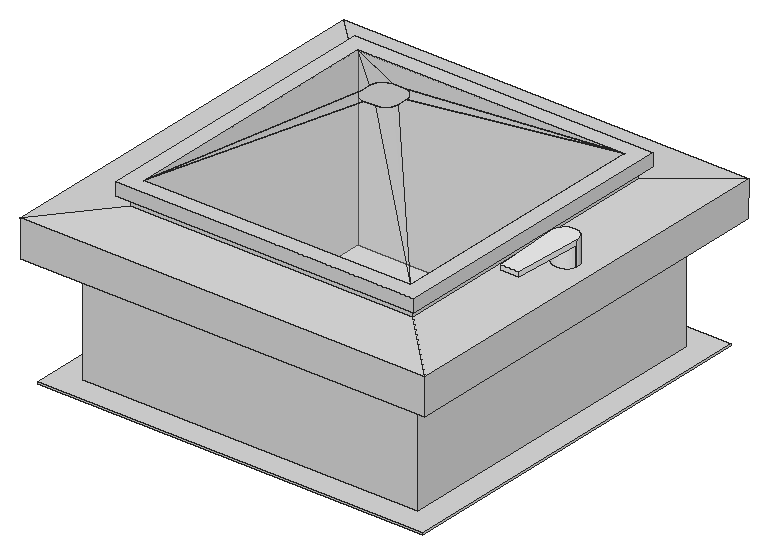
Revit family "Roof_Hatch-Best-Access-Doors-Domed-BA-GRH-DO_Series", category Specialty Equipment, host Face, Revit 2017
Family settings
  Host = Face
  Round Connector Dimension = Use Diameter
  Part Type = Normal
  OmniClass Number = 23.40.00.00
  Cut with Voids When Loaded = Yes
  Shared = Yes
  Room Calculation Point = No
Parameters (values of type "BA-GRH-DO-3232")
  Width = 24"
  URL = "https://www.bestaccessdoors.com/"
  Type Comments = ""
  Revised Date = "08/29/2018"  # constant formula
  Product data url = "https://bimobject.com/best-access-doors/product/domed-roof-hatch-galvanized-steel"
  Product Page URL = ""
  Product Documentation Link = ""
  Model = "BA-GRH-DO-3232"
  Material = "Galvanized Steel-Best Access Doors-14 Gauge-Polyester Grey Enamel"  # constant formula
  Manufacturer = "Best Access Door"  # constant formula
  Length = 12"  # constant formula
  Installation Type = "Surface Mount"  # constant formula
  Height = 24"
  Finish = Galvanized Steel-Best Access Doors-14 Gauge-Polyester Grey Enamel
  Description = "Galvanized Steel Domed Roof Hatch"  # constant formula
  Default Elevation = 0"  # constant formula
  Creation Date = "08/29/2018"  # constant formula
  Assembly Code = "C1020700"
Types (5): name | Width | Model | Height
  BA-GRH-DO-3232 | 24" | "BA-GRH-DO-3232" | 24"
  BA-GRH-DO-3244 | 24" | "BA-GRH-DO-3244" | 36"
  BA-GRH-DO-3838 | 30" | "BA-GRH-DO-3838" | 30"
  BA-GRH-DO-3844 | 30" | "BA-GRH-DO-3844" | 36"
  BA-GRH-DO-4444 | 36" | "BA-GRH-DO-4444" | 36"
Reference planes (in)
  plane 1 "Center (Front/Back)": y = 0
  plane 2: z = 0
  plane 3 "Center (Left/Right)": x = 0
  plane 4: x = 16.28125
  plane 5: x = -16.28125
  plane 6: y = 12
  plane 7: y = -12
  plane 8: x = 12
  plane 9: x = -12
  plane 10: z = 12
  plane 11: y = 16.287
  plane 12: y = -16.287
  plane 13: x = 11
  plane 14: x = 14
Forms (in)
  Sweep 1, solid, material "Galvanized Steel-Best Access Doors-14 Gauge-Polyester Grey Enamel" <- "Finish"
    path origin (0, 0, 0) x (1, 0, 0) y (0, 1, 0)
      loop
        line (-12, 12) -> (-12, -12) -> (12, -12) -> (12, 12) -> (-12, 12)
    profile origin (0, 12, 0) x (0, 1, 0) y (0, 0, 1)
      loop
        line (-1.25, 0) -> (1.5, 0) -> (3.5, 0) -> (3.5, 0.125) -> (1.5, 0.125) -> (1.5, 8.08984) -> (2.25, 8.08984) -> (2.25, 9.08984) -> (4.287, 9.08984) -> (4.287, 12)
        arc (4.287, 12) -> (1.82612, 12.26049) -> (-0.64261, 12.43128) r 68.01455
        line (-0.64261, 12.43128) -> (-0.64261, 13.25) -> (0, 13.25) -> (0, 14.25) -> (-1.25, 14.25) -> (-1.25, 0)
  Extrusion 2, solid, material "Galvanized Steel-Best Access Doors-14 Gauge-Polyester Grey Enamel" <- "Finish"
    sketch origin (0, 0, 0) x (1, 0, 0) y (0, 1, 0)
      loop
        line (-12, 12) -> (-12, -12) -> (12, -12) -> (12, 12) -> (-12, 12)
    from 0 to 0.125
  Extrusion 3, solid, material "Stainless Steel-Best Access Doors-Zinc Plated"
    sketch origin (3, 0, 0) x (1, 0, 0) y (0, 1, 0)
      loop
        line (10.28618, -4.82978) -> (11.71382, -4.82978) -> (11.99863, 0.6048)
        arc (11.99863, 0.6048) -> (11, 1.65713) -> (10.00137, 0.6048) r 1
        line (10.00137, 0.6048) -> (10.28618, -4.82978)
    from 12 to 14.00968
  Extrusion 4, void
    sketch origin (3, 0, 0) x (1, 0, 0) y (0, 1, 0)
      loop
        line (10.01417, 0.48937) -> (9.67599, 0.48937) -> (9.67599, -5.50698) -> (12.32401, -5.50698) -> (12.32401, 0.48937) -> (11.98583, 0.48937)
        arc (11.98583, 0.48937) -> (11, -0.34287) -> (10.01417, 0.48937) r 1
    from 12 to 13.62276
  Blend 5, solid, material "Glass-Best Access Doors-Clear"
    base sketch origin (0, 0, 0) x (1, 0, 0) y (0, 1, 0)
      loop
        line (-10.75, 10.75) -> (-10.75, -10.75) -> (10.75, -10.75) -> (10.75, 10.75) -> (-10.75, 10.75)
    top sketch origin (0, 0, 0) x (1, 0, 0) y (0, 1, 0)
      loop
        arc (-0.48261, 1.41233) -> (-1.18972, 1.11944) -> (-1.48261, 0.41233) r 1
        line (-1.48261, 0.41233) -> (-1.48261, -0.41233)
        arc (-1.48261, -0.41233) -> (-1.18972, -1.11944) -> (-0.48261, -1.41233) r 1
        line (-0.48261, -1.41233) -> (0.48261, -1.41233)
        arc (0.48261, -1.41233) -> (1.18972, -1.11944) -> (1.48261, -0.41233) r 1
        line (1.48261, -0.41233) -> (1.48261, 0.41233)
        arc (1.48261, 0.41233) -> (1.18972, 1.11944) -> (0.48261, 1.41233) r 1
        line (0.48261, 1.41233) -> (-0.48261, 1.41233)
    from 14.25 to 19.45479
Cuts and joins
  Extrusion 4 cuts Extrusion 2
  joined: Sweep 1, Extrusion 2
  Extrusion 4 cuts Extrusion 3
Lines and regions (in)
  Masking region 1
    outline origin (0, 0, 0) x (1, 0, 0) y (0, 1, 0)
      loop
        line (-16.287, 16.287) -> (-16.287, -16.287) -> (16.287, -16.287) -> (16.287, 16.287) -> (-16.287, 16.287)
  symbolic lines, detail levels medium+fine
    curve 1: line (-12, 12, 0) -> (12, 12, 0)
    curve 2: line (-12, -12, 0) -> (-12, 12, 0)
    curve 3: line (12, -12, 0) -> (-12, -12, 0)
    curve 4: line (12, 12, 0) -> (12, -12, 0)
    curve 5: line (-10.75, 10.75, 0) -> (10.75, 10.75, 0)
    curve 6: line (-10.75, -10.75, 0) -> (-10.75, 10.75, 0)
    curve 7: line (10.75, -10.75, 0) -> (-10.75, -10.75, 0)
    curve 8: line (10.75, 10.75, 0) -> (10.75, -10.75, 0)
    curve 9: line (13.00137, 0.6048, 0) -> (13.28618, -4.82978, 0)
    curve 10: line (13.28618, -4.82978, 0) -> (14.71382, -4.82978, 0)
    curve 11: line (14.71382, -4.82978, 0) -> (14.99863, 0.6048, 0)
    curve 12: arc (14.99863, 0.6048, 0) -> (14, 1.65713, 0) -> (13.00137, 0.6048, 0) r 1
    curve 13: line (-16.287, 16.287, 0) -> (-12, 12, 0)
    curve 14: line (12, 12, 0) -> (16.287, 16.287, 0)
    curve 15: line (16.287, -16.287, 0) -> (12, -12, 0)
    curve 16: line (-16.287, -16.287, 0) -> (-12, -12, 0)
Dimensions and locks (in)
  "Height": plane 6 to plane 7
  equal spacing: plane 9, plane 3 "Center (Left/Right)", plane 8
  "Width": plane 9 to plane 8
  locked: plane 5 to plane 9 at 4.28125
  locked: plane 8 to plane 4 at 4.28125
  "Length": plane 10 to level
  locked: plane 11 to plane 6 at 4.287
  equal spacing: plane 6, plane 1 "Center (Front/Back)", plane 7
  locked: plane 7 to plane 12 at 4.287
  locked: plane 10 to Sweep 1 sketch curve at 2.91016
  locked: plane 10 to Sweep 1 sketch curve at 3.91016
  locked: plane 11 to Sweep 1 sketch curve at 2.037
  locked: Sweep 1 sketch curve to plane 6 at 1.5
  locked: Sweep 1 sketch curve to level at 0.125
  locked: plane 11 to Sweep 1 sketch curve at 0.787
  locked: plane 8 to plane 14 at 2
  locked: plane 1 "Center (Front/Back)" to Extrusion 3 sketch curve at 0.65713
  equal spacing: Extrusion 4 sketch curve, plane 14, Extrusion 4 sketch curve
  locked: Extrusion 4 sketch curve to Extrusion 4 sketch curve at 2.64803
  locked: Extrusion 4 sketch curve to plane 1 "Center (Front/Back)" at 5.50698
  locked: Extrusion 4 sketch curve to plane 1 "Center (Front/Back)" at 0.48937
  locked: Sweep 1 sketch curve to plane 10 at 0.43128
  locked: plane 6 to Sweep 1 sketch curve at 0.64261
  locked: Sweep 1 sketch curve to Sweep 1 sketch curve at 1
  locked: Sweep 1 sketch curve to plane 10 at 2.25
  locked: plane 6 to Sweep 1 sketch curve at 1.25
  equal spacing: Blend 5 sketch curve, plane 1 "Center (Front/Back)", Blend 5 sketch curve
  locked: Blend 5 sketch curve to Blend 5 sketch curve at 2.82466
  equal spacing: Blend 5 sketch curve, plane 3 "Center (Left/Right)", Blend 5 sketch curve
  locked: Blend 5 sketch curve to Blend 5 sketch curve at 2.96523
  diameter of Extrusion 3 sketch curve = 2"
  aligned and locked: plane 2 to host face
  aligned and locked: level to host face
  aligned and locked: Sweep 1 sketch curve to plane 6
  aligned and locked: Sweep 1 sketch curve to plane 9
  aligned and locked: Sweep 1 sketch curve to plane 7
  aligned and locked: Sweep 1 sketch curve to plane 8
  aligned and locked: plane 11 to Sweep 1 sketch curve  (x2)
  aligned and locked: level to Sweep 1 sketch curve
  aligned and locked: Extrusion 2 to level
  aligned and locked: plane 14 to Extrusion 3 sketch curve
  aligned and locked: Extrusion 4 sketch curve to cut or joined group of Extrusion 3, Extrusion 4
  aligned and locked: Extrusion 4 sketch curve to Extrusion 4 sketch curve
  aligned and locked: plane 10 to Sweep 1 sketch curve
  aligned and locked: plane 6 to Sweep 1 sketch curve
  aligned and locked: cut or joined group of Sweep 1, Extrusion 2, Extrusion 4 to cut or joined group of Sweep 1, Extrusion 2, Extrusion 4
  aligned and locked: Blend 5 sketch curve to cut or joined group of Sweep 1, Extrusion 2, Extrusion 4  (x4)
  aligned and locked: Masking region 1 sketch curve to cut or joined group of Sweep 1, Extrusion 2, Extrusion 4  (x4)
  aligned and locked: curve 1 to cut or joined group of Sweep 1, Extrusion 2, Extrusion 4
  aligned and locked: curve 2 to cut or joined group of Sweep 1, Extrusion 2, Extrusion 4
  aligned and locked: curve 3 to cut or joined group of Sweep 1, Extrusion 2, Extrusion 4
  aligned and locked: curve 4 to cut or joined group of Sweep 1, Extrusion 2, Extrusion 4
  aligned and locked: curve 5 to cut or joined group of Sweep 1, Extrusion 2, Extrusion 4
  aligned and locked: curve 6 to cut or joined group of Sweep 1, Extrusion 2, Extrusion 4
  aligned and locked: curve 7 to cut or joined group of Sweep 1, Extrusion 2, Extrusion 4
  aligned and locked: curve 8 to cut or joined group of Sweep 1, Extrusion 2, Extrusion 4
  aligned and locked: curve 10 to cut or joined group of Extrusion 3, Extrusion 4
  aligned and locked: curve 11 to cut or joined group of Extrusion 3, Extrusion 4
  aligned and locked: curve 12 to cut or joined group of Extrusion 3, Extrusion 4
  aligned and locked: curve 16 to cut or joined group of Sweep 1, Extrusion 2, Extrusion 4
  aligned and locked: curve 3 to curve 16
  aligned and locked: curve 13 to Masking region 1
  aligned and locked: curve 2 to curve 13
  aligned and locked: Masking region 1 to curve 13
  aligned and locked: curve 1 to curve 14
  aligned and locked: curve 14 to Masking region 1
  aligned and locked: Masking region 1 to curve 14
  aligned and locked: curve 15 to Masking region 1
  aligned and locked: curve 4 to curve 15
  aligned and locked: Masking region 1 to curve 15
  aligned and locked: curve 16 to Masking region 1
Automatic sketch dimensions
  host sketch curve to host sketch curve = 96"  (x2)
  Extrusion 3 sketch curve to plane 1 "Center (Front/Back)" = 0.6048"  (x2)
  plane 8 to Extrusion 3 sketch curve = 1.28618"
  Extrusion 3 sketch curve to Extrusion 3 sketch curve = 1.42763"
  plane 1 "Center (Front/Back)" to Extrusion 3 sketch curve = 4.82978"
  profile plane to Sweep 1 sketch curve = 4.10174"
  Sweep 1 sketch curve to Sweep 1 sketch curve = 0"
  plane 7 to Extrusion 2 sketch curve = 0"
  Extrusion 2 sketch curve to plane 9 = 0"
  Extrusion 2 sketch curve to plane 8 = 0"
  Extrusion 2 sketch curve to plane 6 = 0"
  plane 3 "Center (Left/Right)" to Blend 5 sketch curve = 0.48261"  (x2)
  Blend 5 sketch curve to plane 1 "Center (Front/Back)" = 0.41233"
  Blend 5 sketch curve to plane 3 "Center (Left/Right)" = 0.48261"
  curve 9 to plane 1 "Center (Front/Back)" = 0.6048"
  plane 14 to curve 10 = 0.71382"
  curve 11 to plane 1 "Center (Front/Back)" = 0.6048"
